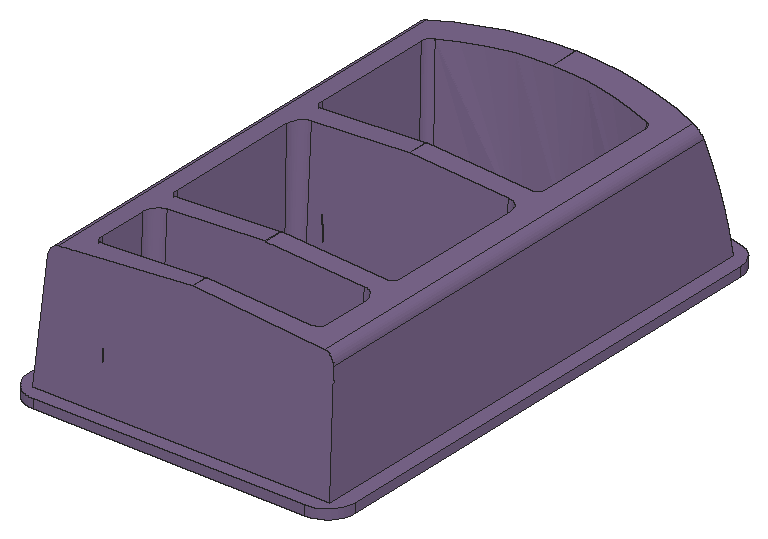
Revit family "NBS_PineappleContracts_GnrlFitngsFrnshngsAndEqpmntSym_RynoWallUnit", category Furniture, host Face, Revit 2018
Family settings
  Host = Face
  Cut with Voids When Loaded = No
  Shared = No
  Room Calculation Point = No
Parameters (values of type "RynoWallUnit")
  Weight = "20 kg"
  WarrantyStartDate [instance] = "1900-12-31T23:59:59"
  WarrantyGuarantorParts = "n/a"
  WarrantyGuarantorLabor = "n/a"
  WarrantyDurationUnit = "year"
  WarrantyDurationParts = "n/a"
  WarrantyDurationLabor = "n/a"
  WarrantyDescription = "Lifetime guarantee against manufacturing faults"
  Version = "2"  # constant formula
  Uniclass2015Version = "Systems v1.15"
  Uniclass2015Title = "Wardrobes"
  Uniclass2015Code = "Pr_40_30_78_96"
  TagNumber [instance] = "n/a"
  SystemManufacturer = "Pineapple Contracts"
  SustainabilityPerformance = "100% recyclable"
  Style = "Shelf"
  Status = "UNSET"
  Size = "1200 x 699 x313 mm"
  Width = 700 mm  # constant formula
  ShelfMaterial = NBS_PineappleContracts_IconPurple
  Height = 1200 mm  # constant formula
  Depth = 313 mm  # constant formula
  Shape = "Rectangle"
  SerialNumber [instance] = "n/a"
  Revision = "n/a"
  ReplacementCost = "n/a"
  Reference = "n/a"
  ProductInformation = "https://uk.pineapplecontracts.com/product/ryno-bedroom-range/"
  NominalWidth = 699 mm
  NominalLength = 0 mm
  NominalHeight = 1200 mm
  NominalDepth = 313 mm
  Name = "GeneralFittingsFurnishingsAndEquipmentSystem_RynoWallUnit_PineappleContracts"
  NBSReference = "35-05-35/135"
  NBSDescription = "General fittings, furnishings and equipment system"
  NBSCertification = "www.nationalbimlibrary.com/cert/4zrfmdlc"
  ModelReference = "RynoWallUnit"
  ModelNumber = "1RYOWS-003"
  Material = "UV stabilised polyethylene with anti-microbial additive"
  ManufacturerURL = "www.pineapplecontracts.com"
  ManufacturerName = "Pineapple Contracts"  # constant formula
  Manufacturer = "sales@pineapplecontracts.com"
  MainColor = "n/a"
  IsBuiltIn = no
  InstallationDate [instance] = "1900-12-31T23:59:59"
  IfcExportType = "SHELF"  # constant formula
  IfcExportAs = "IfcFurnitureType"  # constant formula
  Grade = "n/a"
  Finish = "n/a"
  Features = "Flame retardant, anti-bacterial, wall fixing options available"
  ExpectedLife = "n/a"
  DurationUnit = "year"
  Description = "Ryno wall shelf with three compartments"
  Default Elevation = 1219.2 mm
  Constituents = "n/a"
  Color = "Blaze orange, epic blue, icon purple, vegas yellow, cool green, black, thunder grey, moonwalk grey, lime green, granite"
  CodePerformance = "BS EN 16139: 2013 level 2, BS 5852:2006, UL94 HB flammability standards"
  Category = "Pr_40_30_78_96:Wardrobes"
  BarCode [instance] = "n/a"
  BIMObjectName = "NBS_PineappleContracts_GeneralFittingsFurnishingsAndEquipmentSystem_RynoWallUnit"
  Author = "NBS"  # constant formula
  AssetType = "Fixed"
  AssetIdentifier [instance] = "n/a"
  AccessibilityPerformance = "n/a"
Reference planes
  plane 1 "Center (Front/Back)": y = 0
  plane 2 "Back": z = 0
  plane 3 "Center (Left/Right)": x = 0
  plane 4 "Bottom": y = -600
  plane 5 "Right": x = 350
  plane 6 "Left": x = -350
  plane 7 "Top": y = 600
  plane 8 "Front": z = 313
Forms (mm)
  Extrusion 1, solid, material "NBS_PineappleContracts_IconPurple" <- "ShelfMaterial", detail levels medium+fine
    sketch origin (0, -82.77, 0) x (1, 0, 0) y (0, 1, 0)
      loop
        arc (-310.342, 628.226) -> (-339.094, 606.272) -> (-350, 571.78) r 60
        line (-350, 571.78) -> (-350, -457.23)
        arc (-350, -457.23) -> (-332.426, -499.657) -> (-290, -517.23) r 60
        line (-290, -517.23) -> (290, -517.23)
        arc (290, -517.23) -> (332.426, -499.657) -> (350, -457.23) r 60
        line (350, -457.23) -> (350, 570.725)
        arc (350, 570.725) -> (339.157, 605.129) -> (310.547, 627.098) r 60
        arc (310.547, 627.098) -> (0.202, 682.183) -> (-310.342, 628.226) r 911.098
    from 0 to 311.467
  Sweep 2, void
    path origin (0, -82.77, 0) x (1, 0, 0) y (0, 1, 0)
      loop
        line (-350, 722.77) -> (-350, -597.23)
    profile origin (-350, -20, 0) x (1, 0, 0) y (0, 0, 1)
      loop
        line (0, 0) -> (0, 20) -> (32.096, 20) -> (44.978, 265.803)
        arc (44.978, 265.803) -> (51.418, 281.281) -> (66.188, 289.211) r 25
        arc (66.188, 289.211) -> (207.389, 305.249) -> (349.396, 310.605) r 1885.251
        line (349.396, 310.605) -> (349.396, 315.289) -> (-7.428, 315.289) -> (-7.428, 0) -> (0, 0)
  Sweep 3, void
    path origin (0, -82.77, 0) x (-1, 0, 0) y (0, 1, 0)
      loop
        line (-350, 722.77) -> (-350, -597.23)
    profile origin (350, -20, 0) x (1, 0, 0) y (0, 0, 1)
      loop
        line (0, 0) -> (7.428, 0) -> (7.428, 315.289) -> (-349.396, 315.289) -> (-349.396, 310.605)
        arc (-349.396, 310.605) -> (-207.389, 305.249) -> (-66.188, 289.211) r 1885.251
        arc (-66.188, 289.211) -> (-51.418, 281.281) -> (-44.978, 265.803) r 25
        line (-44.978, 265.803) -> (-32.096, 20) -> (0, 20) -> (0, 0)
  Extrusion 4, void
    sketch origin (0, -82.77, 0) x (0, 1, 0) y (0, 0, 1)
      loop
        line (-454.411, 315.605) -> (-520.873, 315.605) -> (-520.873, 0) -> (-517.23, 0) -> (-517.23, 20) -> (-485.48, 20) -> (-454.411, 315.605)
    from -357.428 to 357.428
  Extrusion 5, void
    sketch origin (0, -82.77, 0) x (1, 0, 0) y (0, 0, 1)
      loop
        line (-0.603, 311.467) -> (-0.603, 310.605) -> (0.603, 310.605) -> (0.603, 311.467) -> (-0.603, 311.467)
    from -574.505 to 517.23
  Blend 6, void
    base sketch origin (0, -82.77, 0) x (1, 0, 0) y (0, 1, 0)
      loop
        arc (-216.126, 456.026) -> (-226.878, 448.895) -> (-231.039, 436.684) r 20
        line (-231.039, 436.684) -> (-231.039, 189.101)
        arc (-231.039, 189.101) -> (-225.181, 174.959) -> (-211.039, 169.101) r 20
        line (-211.039, 169.101) -> (211.039, 169.101)
        arc (211.039, 169.101) -> (225.181, 174.959) -> (231.039, 189.101) r 20
        line (231.039, 189.101) -> (231.039, 437.56)
        arc (231.039, 437.56) -> (226.852, 449.804) -> (216.046, 456.923) r 20
        arc (216.046, 456.923) -> (-0.098, 484.189) -> (-216.126, 456.026) r 856.237
    top sketch origin (0, -82.77, 0) x (1, 0, 0) y (0, 1, 0)
      loop
        arc (-227.093, 475.418) -> (-237.431, 468.207) -> (-241.403, 456.244) r 20
        line (-241.403, 456.244) -> (-241.403, 189.101)
        arc (-241.403, 189.101) -> (-235.545, 174.959) -> (-221.403, 169.101) r 20
        line (-221.403, 169.101) -> (221.403, 169.101)
        arc (221.403, 169.101) -> (235.545, 174.959) -> (241.403, 189.101) r 20
        line (241.403, 189.101) -> (241.403, 456.244)
        arc (241.403, 456.244) -> (237.431, 468.207) -> (227.093, 475.418) r 20
        arc (227.093, 475.418) -> (0, 508.402) -> (-227.093, 475.418) r 798.265
    from 40 to 333.736
  Blend 7, void
    base sketch origin (0, -469.87, 0) x (1, 0, 0) y (0, 1, 0)
      loop
        line (-211.039, 169.101) -> (211.039, 169.101)
        arc (211.039, 169.101) -> (225.181, 174.959) -> (231.039, 189.101) r 20
        line (231.039, 189.101) -> (231.039, 465.025)
        arc (231.039, 465.025) -> (223.716, 482.703) -> (206.039, 490.025) r 25
        line (206.039, 490.025) -> (-206.039, 490.025)
        arc (-206.039, 490.025) -> (-223.716, 482.703) -> (-231.039, 465.025) r 25
        line (-231.039, 465.025) -> (-231.039, 189.101)
        arc (-231.039, 189.101) -> (-225.181, 174.959) -> (-211.039, 169.101) r 20
    top sketch origin (0, -469.87, 0) x (1, 0, 0) y (0, 1, 0)
      loop
        arc (241.403, 484.101) -> (232.616, 505.314) -> (211.403, 514.101) r 30
        line (211.403, 514.101) -> (-211.403, 514.101)
        arc (-211.403, 514.101) -> (-232.616, 505.314) -> (-241.403, 484.101) r 30
        line (-241.403, 484.101) -> (-241.403, 189.101)
        arc (-241.403, 189.101) -> (-235.545, 174.959) -> (-221.403, 169.101) r 20
        line (-221.403, 169.101) -> (221.403, 169.101)
        arc (221.403, 169.101) -> (235.545, 174.959) -> (241.403, 189.101) r 20
        line (241.403, 189.101) -> (241.403, 484.101)
    from 40 to 333.736
  Blend 8, void
    base sketch origin (0, -669.87, 0) x (1, 0, 0) y (0, 1, 0)
      loop
        line (-211.039, 169.101) -> (211.039, 169.101)
        arc (211.039, 169.101) -> (225.181, 174.959) -> (231.039, 189.101) r 20
        line (231.039, 189.101) -> (231.039, 279.101)
        arc (231.039, 279.101) -> (223.716, 296.778) -> (206.039, 304.101) r 25
        line (206.039, 304.101) -> (-206.039, 304.101)
        arc (-206.039, 304.101) -> (-223.716, 296.778) -> (-231.039, 279.101) r 25
        line (-231.039, 279.101) -> (-231.039, 189.101)
        arc (-231.039, 189.101) -> (-225.181, 174.959) -> (-211.039, 169.101) r 20
    top sketch origin (0, -669.87, 0) x (1, 0, 0) y (0, 1, 0)
      loop
        arc (241.403, 298.476) -> (232.616, 319.689) -> (211.403, 328.476) r 30
        line (211.403, 328.476) -> (-211.403, 328.476)
        arc (-211.403, 328.476) -> (-232.616, 319.689) -> (-241.403, 298.476) r 30
        line (-241.403, 298.476) -> (-241.403, 189.101)
        arc (-241.403, 189.101) -> (-235.545, 174.959) -> (-221.403, 169.101) r 20
        line (-221.403, 169.101) -> (221.403, 169.101)
        arc (221.403, 169.101) -> (235.545, 174.959) -> (241.403, 189.101) r 20
        line (241.403, 189.101) -> (241.403, 298.476)
    from 40 to 333.736
  Extrusion 9, void
    sketch origin (0, -82.77, 0) x (1, 0, 0) y (0, 0, 1)
      loop
        arc (-150.232, 259.863) -> (-0.041, 263.011) -> (150.151, 259.906) r 3609.37
        arc (150.151, 259.906) -> (154.004, 261.48) -> (155.331, 265.425) r 5
        line (155.331, 265.425) -> (152.817, 289.339)
        arc (152.817, 289.339) -> (151.306, 292.424) -> (148.161, 293.806) r 5
        arc (148.161, 293.806) -> (0.18, 298.503) -> (-147.804, 293.88) r 2352.268
        arc (-147.804, 293.88) -> (-150.919, 292.529) -> (-152.453, 289.499) r 5
        line (-152.453, 289.499) -> (-155.404, 265.468)
        arc (-155.404, 265.468) -> (-154.116, 261.468) -> (-150.232, 259.863) r 5
    from 412.83 to 422.204
  Sweep 10, void
    path origin (0, -82.77, 0) x (-1, 0, 0) y (0, -1, 0)
      loop
        arc (393.621, -592.071) -> (-0.324, -682.184) -> (-394.491, -593.049) r 911.098
    profile origin (0.324, 599.414, 0) x (-0.001241, 0.999999, 0) y (0, 0, 1)
      loop
        line (0, 0) -> (9.759, 0) -> (9.759, 327.494) -> (-120.241, 327.494)
        arc (-120.241, 327.494) -> (-65.331, 176.859) -> (-31.955, 20.039) r 1147.369
        line (-31.955, 20.039) -> (0, 20.039) -> (0, 0)
  Extrusion 11, solid, material "NBS_PineappleContracts_IconPurple" <- "ShelfMaterial", detail levels coarse
    sketch origin (1156.389, 249.036, 0) x (1, 0, 0) y (0, 1, 0)
      loop
        line (-1506.388, -849.036) -> (-806.389, -849.036) -> (-806.389, 350.964) -> (-1506.388, 350.964) -> (-1506.388, -849.036)
    from 0 to 310.605
Cuts and joins
  Sweep 2, Sweep 3, Extrusion 4, Extrusion 5, Blend 6, Blend 7, Blend 8, Extrusion 9, Sweep 10 cuts Extrusion 1
Dimensions and locks
  equal spacing: plane 4 "Bottom", plane 1 "Center (Front/Back)", plane 7 "Top", locked at 600 each
  "Height": plane 7 "Top" to plane 4 "Bottom"
  "Width": plane 6 "Left" to plane 5 "Right"
  equal spacing: plane 6 "Left", plane 3 "Center (Left/Right)", plane 5 "Right", locked at 350 each
  "Depth": plane 8 "Front" to host face
  aligned and locked: plane 2 "Back" to host face
  aligned and locked: level to host face
Automatic sketch dimensions
  host sketch curve to host sketch curve = 2438.4 mm  (x2)
  Extrusion 1 sketch curve to plane 6 "Left" = 0 mm
  Extrusion 1 sketch curve to plane 4 "Bottom" = 0 mm
  Extrusion 1 sketch curve to plane 5 "Right" = 0 mm
  plane 6 "Left" to Extrusion 1 sketch curve = 60 mm
  Extrusion 1 sketch curve to Extrusion 1 sketch curve = 60 mm
  Extrusion 1 sketch curve to plane 3 "Center (Left/Right)" = 1.455 mm
  Extrusion 1 sketch curve to plane 5 "Right" = 60 mm  (x2)
  plane 4 "Bottom" to Extrusion 1 sketch curve = 288.317 mm
  Extrusion 1 sketch curve to plane 7 "Top" = 112.044 mm
  Extrusion 1 sketch curve to plane 7 "Top" = 110.99 mm
  Extrusion 1 sketch curve to Extrusion 1 sketch curve = 0 mm
  Sweep 2 sketch curve to plane 6 "Left" = 0 mm
  Sweep 2 sketch curve to plane 4 "Bottom" = 80 mm
  plane 7 "Top" to Sweep 2 sketch curve = 40 mm
  Sweep 2 sketch curve to profile plane = 0 mm
  profile plane to Sweep 2 sketch curve = 0 mm
  Sweep 2 sketch curve to Sweep 2 sketch curve = 7.428 mm
  Sweep 2 sketch curve to profile plane = 32.096 mm
  Sweep 2 sketch curve to profile plane = 44.978 mm
  Sweep 2 sketch curve to Sweep 2 sketch curve = 24.966 mm
  Sweep 2 sketch curve to profile plane = 349.396 mm
  Sweep 2 sketch curve to profile plane = 1574.647 mm
  profile plane to Sweep 2 sketch curve = 20 mm
  Sweep 2 sketch curve to Sweep 2 sketch curve = 244.495 mm
  Sweep 2 sketch curve to Sweep 2 sketch curve = 1.308 mm
  Sweep 2 sketch curve to Sweep 2 sketch curve = 46.11 mm
  Sweep 2 sketch curve to Sweep 2 sketch curve = 4.684 mm
  Sweep 3 sketch curve to plane 5 "Right" = 0 mm
  plane 4 "Bottom" to Sweep 3 sketch curve = 80 mm
  Sweep 3 sketch curve to plane 7 "Top" = 40 mm
  profile plane to Sweep 3 sketch curve = 0 mm
  Sweep 3 sketch curve to profile plane = 0 mm
  profile plane to Sweep 3 sketch curve = 32.096 mm
  profile plane to Sweep 3 sketch curve = 44.978 mm
  Sweep 3 sketch curve to Sweep 3 sketch curve = 24.966 mm
  Sweep 3 sketch curve to Sweep 3 sketch curve = 279.452 mm
  Sweep 3 sketch curve to profile plane = 7.428 mm
  Sweep 3 sketch curve to profile plane = 1574.647 mm
  profile plane to Sweep 3 sketch curve = 20 mm
  Sweep 3 sketch curve to Sweep 3 sketch curve = 244.495 mm
  Sweep 3 sketch curve to Sweep 3 sketch curve = 1.308 mm
  Sweep 3 sketch curve to Sweep 3 sketch curve = 46.11 mm
  Sweep 3 sketch curve to Sweep 3 sketch curve = 4.684 mm
  Extrusion 4 sketch curve to level = 0 mm
  Extrusion 4 sketch curve to plane 4 "Bottom" = 0 mm
  Extrusion 4 sketch curve to plane 4 "Bottom" = 3.643 mm
  Extrusion 4 sketch curve to Extrusion 4 sketch curve = 31.75 mm
  plane 4 "Bottom" to Extrusion 4 sketch curve = 62.82 mm
  Extrusion 4 sketch curve to Extrusion 4 sketch curve = 20 mm
  Extrusion 4 sketch curve to Extrusion 4 sketch curve = 295.605 mm
  Extrusion 5 sketch curve to plane 3 "Center (Left/Right)" = 0.603 mm
  plane 3 "Center (Left/Right)" to Extrusion 5 sketch curve = 0.603 mm
  level to Extrusion 5 sketch curve = 310.605 mm
  Extrusion 5 sketch curve to Extrusion 5 sketch curve = 0.863 mm
  plane 6 "Left" to Blend 6 sketch curve = 118.961 mm
  Blend 6 sketch curve to Blend 6 sketch curve = 20 mm  (x5)
  plane 3 "Center (Left/Right)" to Blend 6 sketch curve = 1.68 mm
  Blend 6 sketch curve to plane 5 "Right" = 138.961 mm  (x2)
  plane 4 "Bottom" to Blend 6 sketch curve = 145.185 mm
  Blend 6 sketch curve to plane 1 "Center (Front/Back)" = 86.331 mm  (x2)
  Blend 6 sketch curve to plane 7 "Top" = 246.086 mm
  Blend 6 sketch curve to plane 7 "Top" = 245.21 mm
  Blend 6 sketch curve to Blend 6 sketch curve = 0 mm  (x2)
  Blend 6 sketch curve to plane 3 "Center (Left/Right)" = 0 mm
  plane 6 "Left" to Blend 6 sketch curve = 128.597 mm  (x2)
  Blend 6 sketch curve to plane 5 "Right" = 128.597 mm  (x2)
  plane 4 "Bottom" to Blend 6 sketch curve = 227.367 mm
  Blend 6 sketch curve to plane 7 "Top" = 226.525 mm  (x2)
  plane 1 "Center (Front/Back)" to Blend 7 sketch curve = 4.845 mm  (x2)
  plane 6 "Left" to Blend 7 sketch curve = 118.961 mm
  Blend 7 sketch curve to Blend 7 sketch curve = 20 mm  (x4)
  Blend 7 sketch curve to Blend 7 sketch curve = 25 mm
  Blend 7 sketch curve to plane 5 "Right" = 143.961 mm
  Blend 7 sketch curve to Blend 7 sketch curve = 275.924 mm
  Blend 7 sketch curve to plane 1 "Center (Front/Back)" = 14.23 mm
  plane 6 "Left" to Blend 7 sketch curve = 108.597 mm
  Blend 7 sketch curve to Blend 7 sketch curve = 30 mm
  Blend 7 sketch curve to plane 5 "Right" = 138.597 mm
  Blend 7 sketch curve to plane 5 "Right" = 128.597 mm
  plane 1 "Center (Front/Back)" to Blend 7 sketch curve = 280.77 mm
  plane 6 "Left" to Blend 8 sketch curve = 118.961 mm
  Blend 8 sketch curve to Blend 8 sketch curve = 20 mm  (x4)
  Blend 8 sketch curve to Blend 8 sketch curve = 25 mm
  Blend 8 sketch curve to plane 5 "Right" = 143.961 mm
  Blend 8 sketch curve to Blend 8 sketch curve = 5 mm
  plane 4 "Bottom" to Blend 8 sketch curve = 99.23 mm  (x2)
  Blend 8 sketch curve to Blend 8 sketch curve = 90 mm
  plane 6 "Left" to Blend 8 sketch curve = 108.597 mm
  Blend 8 sketch curve to Blend 8 sketch curve = 30 mm
  Blend 8 sketch curve to plane 5 "Right" = 138.597 mm
  Blend 8 sketch curve to plane 5 "Right" = 128.597 mm
  Blend 8 sketch curve to Blend 8 sketch curve = 109.375 mm
  Extrusion 9 sketch curve to plane 3 "Center (Left/Right)" = 155.404 mm
  Extrusion 9 sketch curve to Extrusion 9 sketch curve = 2.951 mm
  Extrusion 9 sketch curve to Extrusion 9 sketch curve = 4.963 mm  (x2)
  Extrusion 9 sketch curve to plane 3 "Center (Left/Right)" = 0.409 mm
  plane 3 "Center (Left/Right)" to Extrusion 9 sketch curve = 0.475 mm
  plane 3 "Center (Left/Right)" to Extrusion 9 sketch curve = 147.845 mm
  Extrusion 9 sketch curve to Extrusion 9 sketch curve = 2.513 mm
  Extrusion 9 sketch curve to Extrusion 9 sketch curve = 4.973 mm  (x2)
  Extrusion 9 sketch curve to level = 3346.359 mm
  Extrusion 9 sketch curve to Extrusion 9 sketch curve = 1292.594 mm
  level to Extrusion 9 sketch curve = 264.859 mm
  level to Extrusion 9 sketch curve = 264.902 mm
  Extrusion 9 sketch curve to Extrusion 9 sketch curve = 0.523 mm  (x2)
  Extrusion 9 sketch curve to Extrusion 9 sketch curve = 0.609 mm  (x2)
  Extrusion 9 sketch curve to Extrusion 9 sketch curve = 23.914 mm
  Extrusion 9 sketch curve to Extrusion 9 sketch curve = 24.031 mm
  Extrusion 9 sketch curve to Extrusion 9 sketch curve = 0 mm  (x2)
  plane 3 "Center (Left/Right)" to Sweep 10 sketch curve = 1.455 mm
  plane 4 "Bottom" to Sweep 10 sketch curve = 288.317 mm
  plane 5 "Right" to Sweep 10 sketch curve = 44.491 mm
  Sweep 10 sketch curve to plane 6 "Left" = 43.621 mm
  Sweep 10 sketch curve to plane 7 "Top" = 90.699 mm
  Sweep 10 sketch curve to profile plane = 0 mm  (x2)
  profile plane to Sweep 10 sketch curve = 20.039 mm
  profile plane to Sweep 10 sketch curve = 31.955 mm
  profile plane to Sweep 10 sketch curve = 120.241 mm
  Sweep 10 sketch curve to profile plane = 139.813 mm
  Sweep 10 sketch curve to Sweep 10 sketch curve = 1047.892 mm
  Sweep 10 sketch curve to profile plane = 9.759 mm
  Extrusion 11 sketch curve to plane 5 "Right" = 699.999 mm
  Extrusion 11 sketch curve to plane 1 "Center (Front/Back)" = 600 mm
  Extrusion 11 sketch curve to Extrusion 11 sketch curve = 699.999 mm
  plane 1 "Center (Front/Back)" to Extrusion 11 sketch curve = 600 mm
